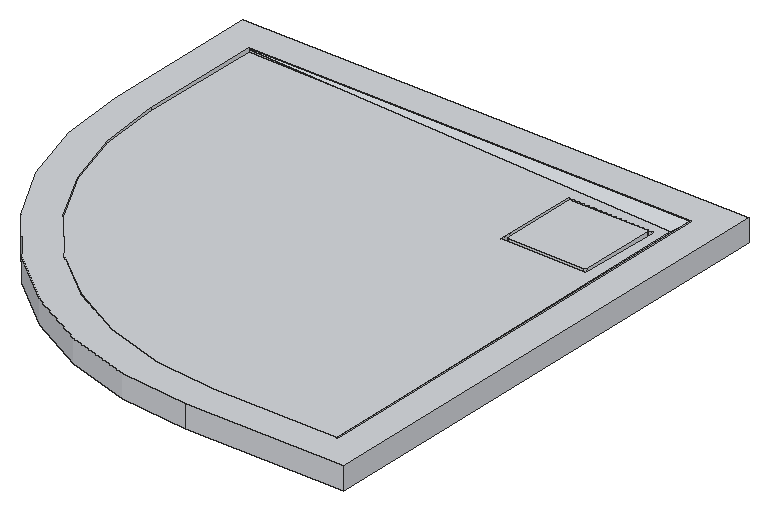
Revit family "W20R", category Plumbing Fixtures, Revit 2016
Family settings
  Part Type = Normal
  Round Connector Dimension = Use Diameter
  Work Plane-Based = No
  Always vertical = Yes
  Cut with Voids When Loaded = No
  Shared = No
  Room Calculation Point = No
Parameters (values of type "800")
  URL = "http://www.sanswiss.com/"
  Type Comments = "LIVADA"
  Model = "W20R"
  Manufacturer = "SanSwiss"
  B = 800 mm
  A = 800 mm
Types (3, lengths in mm): name | B | A
  (no name) | 800 | 800
  900 | 900 | 900
  800 | 800 | 800
Reference planes
  plane 1 "Center (Front/Back)": y = 0
  plane 2: z = 0
  plane 3 "Center (Left/Right)": x = 0
  plane 4: x = 644.146
  plane 5: y = 800
  plane 6: x = 800
  plane 7: x = 50.38
  plane 8: x = 749.521
  plane 9: y = 749.574
  plane 10: x = 649.981
  plane 11: x = 730.241
  plane 12: y = 730.367
  plane 13: x = 582.489
  plane 14: x = 717.489
  plane 15: y = 717.51
  plane 16: y = 582.51
  plane 17 "wgłębienie": z = 30.009
  plane 18 "top": z = 35.031
  plane 19: y = 50.045
  plane 20: x = 587.489
  plane 21: x = 712.489
  plane 22: y = 587.51
  plane 23: y = 712.51
  plane 24 "skos": through (0, 0, 2100) normal (0.7071, -0.7071, 0)
Forms (mm)
  Extrusion 1, solid
    sketch origin (0, 0, 0) x (1, 0, 0) y (0, 1, 0)
      loop
        line (550, 0) -> (800, 0) -> (800, 800) -> (0, 800) -> (0, 550)
        arc (0, 550) -> (161.091, 161.091) -> (550, 0) r 550
      loop
        line (50.38, 749.574) -> (50.38, 556.061)
        arc (50.38, 556.061) -> (198.589, 198.253) -> (556.397, 50.045) r 506.017
        line (556.397, 50.045) -> (749.521, 50.045) -> (749.521, 749.574) -> (50.38, 749.574)
    from 0 to 35.031
  Extrusion 2, void
    sketch origin (0, 0, 0) x (1, 0, 0) y (0, 1, 0)
      loop
        line (582.489, 582.51) -> (717.489, 582.51) -> (717.489, 717.51) -> (582.489, 717.51) -> (582.489, 582.51)
    from 9.16 to 64.397
  Extrusion 3, solid
    sketch origin (0, 0, 0) x (1, 0, 0) y (0, 1, 0)
      loop
        arc (590.391, 712.51) -> (588.339, 711.66) -> (587.489, 709.608) r 2.902
        line (587.489, 709.608) -> (587.489, 590.681)
        arc (587.489, 590.681) -> (588.418, 588.438) -> (590.66, 587.51) r 3.172
        line (590.66, 587.51) -> (709.41, 587.51)
        arc (709.41, 587.51) -> (711.587, 588.411) -> (712.489, 590.588) r 3.078
        line (712.489, 590.588) -> (712.489, 709.809)
        arc (712.489, 709.809) -> (711.698, 711.719) -> (709.788, 712.51) r 2.701
        line (709.788, 712.51) -> (590.391, 712.51)
    from 24.979 to 12.3
  Extrusion 4, solid
    sketch origin (0, 0, 0) x (1, 0, 0) y (0, 1, 0)
      loop
        line (50.38, 749.574) -> (50.38, 556.061)
        arc (50.38, 556.061) -> (198.589, 198.253) -> (556.397, 50.045) r 506.017
        line (556.397, 50.045) -> (749.521, 50.045) -> (749.521, 749.574) -> (50.38, 749.574)
    from 0 to 35.031
  Extrusion 5, void
    sketch origin (0, 0, 0) x (0.707107, 0.707107, 0) y (0, 0, 1)
      loop
        line (128.638, 37.684) -> (1284.605, 17.507) -> (1284.605, 124.411) -> (128.638, 124.411) -> (128.638, 37.684)
    from -638.543 to 694.375
  Blend 6, solid
    base sketch origin (0, 0, 0) x (1, 0, 0) y (0, 0, 1)
      loop
        line (730.241, 22.3) -> (749.521, 22.3) -> (749.521, 35.031) -> (730.241, 22.3)
    top sketch origin (0, 0, 0) x (1, 0, 0) y (0, 0, 1)
      loop
        line (749.521, 35.031) -> (748.2, 34.159) -> (749.521, 34.159) -> (749.521, 35.031)
    from -749.574 to -50.045
  Blend 7, solid
    base sketch origin (0, 0, 0) x (0, 1, 0) y (0, 0, -1)
      loop
        line (730.241, -22.3) -> (749.521, -35.031) -> (749.521, -22.3) -> (730.241, -22.3)
    top sketch origin (0, 0, 0) x (0, 1, 0) y (0, 0, -1)
      loop
        line (749.521, -35.031) -> (749.521, -34.159) -> (748.2, -34.159) -> (749.521, -35.031)
    from -749.521 to -50.38
Cuts and joins
  Extrusion 2, Extrusion 5 cuts Extrusion 4
Dimensions and locks
  "A": plane 5 to plane 1 "Center (Front/Back)"
  "B": plane 3 "Center (Left/Right)" to plane 6
  locked: plane 5 to plane 9 at 50.426
  locked: plane 3 "Center (Left/Right)" to plane 7 at 50.38
  locked: plane 8 to plane 6 at 50.479
  locked: plane 9 to plane 12 at 19.207
  locked: plane 11 to plane 8 at 19.28
  locked: plane 5 to plane 15 at 82.49
  plane 13 to plane 10 to plane 14 = 67.492 mm locked, 67.508 mm locked
  locked: plane 15 to plane 16 at 135
  locked: plane 1 "Center (Front/Back)" to plane 19 at 50.045
  locked: plane 23 to plane 15 at 5
  locked: plane 13 to plane 20 at 5
  locked: plane 21 to plane 14 at 5
  locked: plane 22 to plane 16 at 5
  locked: plane 14 to plane 6 at 82.511
  aligned and locked: level to plane 2
  aligned and locked: plane 1 "Center (Front/Back)" to Extrusion 1 sketch curve
  aligned and locked: Extrusion 1 sketch curve to plane 3 "Center (Left/Right)"
  aligned and locked: plane 5 to Extrusion 1 sketch curve
  aligned and locked: plane 6 to Extrusion 1 sketch curve
  aligned and locked: Extrusion 2 sketch curve to plane 16
  aligned and locked: Extrusion 2 sketch curve to plane 13
  aligned and locked: plane 15 to Extrusion 2 sketch curve
  aligned and locked: Extrusion 2 sketch curve to plane 14
  aligned and locked: Extrusion 3 sketch curve to plane 20
  aligned and locked: Extrusion 3 sketch curve to plane 22
  aligned and locked: plane 21 to Extrusion 3 sketch curve
  aligned and locked: plane 23 to Extrusion 3 sketch curve
  aligned and locked: Blend 6 to plane 9
  aligned and locked: Blend 6 to plane 19
  aligned and locked: plane 8 to Blend 6 sketch curve
  aligned and locked: plane 11 to Blend 6 sketch curve
  aligned and locked: plane 8 to Blend 7
  aligned and locked: Blend 7 to plane 7
Automatic sketch dimensions
  Extrusion 1 sketch curve to plane 7 = 0 mm
  Extrusion 1 sketch curve to plane 19 = 0 mm
  Extrusion 1 sketch curve to plane 8 = 0 mm
  plane 9 to Extrusion 1 sketch curve = 0 mm
  Extrusion 1 sketch curve to plane 13 = 32.489 mm
  Extrusion 1 sketch curve to plane 13 = 26.092 mm
  Extrusion 3 sketch curve to Extrusion 3 sketch curve = 2.902 mm
  Extrusion 3 sketch curve to Extrusion 3 sketch curve = 3.172 mm
  plane 21 to Extrusion 3 sketch curve = 3.078 mm
  Extrusion 3 sketch curve to Extrusion 3 sketch curve = 2.701 mm
  Extrusion 4 sketch curve to plane 7 = 0 mm
  Extrusion 4 sketch curve to plane 19 = 0 mm
  Extrusion 4 sketch curve to plane 8 = 0 mm
  plane 9 to Extrusion 4 sketch curve = 0 mm
  Extrusion 4 sketch curve to plane 13 = 26.092 mm
  Extrusion 5 sketch curve to plane 18 "top" = 2.653 mm
  Extrusion 5 sketch curve to plane 18 "top" = 89.38 mm
  Extrusion 5 sketch curve to Extrusion 5 sketch curve = 1155.967 mm
  plane 17 "wgłębienie" to Extrusion 5 sketch curve = 12.503 mm
  Blend 6 sketch curve to plane 18 "top" = 0 mm  (x2)
  plane 17 "wgłębienie" to Blend 6 sketch curve = 7.709 mm
  Blend 6 sketch curve to plane 8 = 0 mm
  Blend 6 sketch curve to Blend 6 sketch curve = 1.321 mm
  plane 18 "top" to Blend 6 sketch curve = 0.872 mm
  plane 18 "top" to Blend 7 sketch curve = 0 mm  (x2)
  Blend 7 sketch curve to plane 12 = 0.126 mm
  plane 9 to Blend 7 sketch curve = 0.052 mm  (x2)
  plane 17 "wgłębienie" to Blend 7 sketch curve = 7.709 mm
  plane 9 to Blend 7 sketch curve = 1.374 mm
  Blend 7 sketch curve to Blend 7 sketch curve = 0.872 mm
